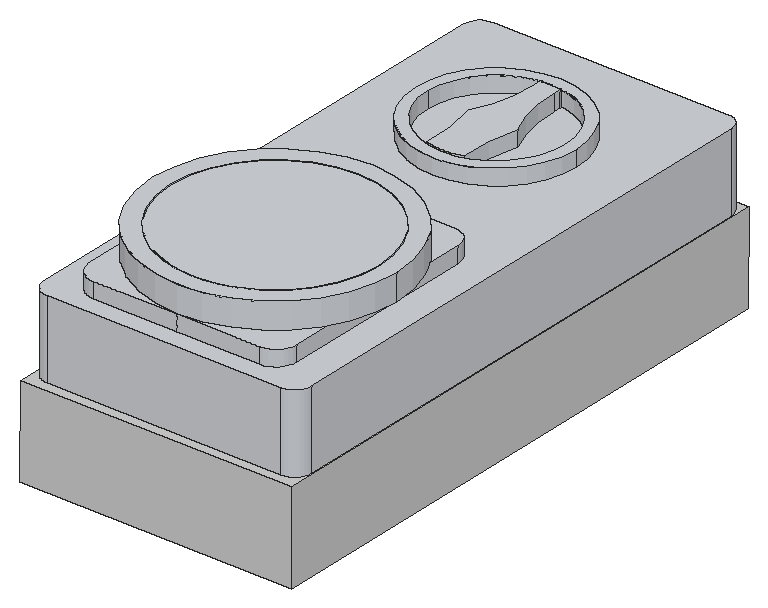
Revit family "Building-IEC309Connections-GEWISS-67IB-INTERLOCKED-SOCKET-OUTLETS_IP67_WITH_BOTTOM_FUS", category Apparecchi elettrici, host Superficie, Revit 2019
Family settings
  Host = Superficie
  Mantenere orientamento annotazione = Sì
  Quota connettore circolare = Usa diametro
  Tipo di parte = Normale
  Taglio con vuoti quando caricato = Sì
  Condiviso = Sì
  Punto di calcolo locali = Sì
Parameters (values of type "GW66258N - 32A 3P+E 380V V.INT.SOCK.O.W.B.3H CBF")
  presa = Grigio RAL - 7035
  giallo = 0 mm
  dist_piano [instance] = 80 mm
  Working temperature = "-25 ÷ +40 °C"
  With back-mounting box = "Yes"
  Weight (kg) = "Max. 1.1 Kg"
  Weight = "Max. 1.1 Kg"
  Vista_2d_pianta [instance] = yes
  Version file RFA = "21.4"
  URL = "https://www.gewiss.com/ww/en"
  Typology = "Vertical"
  Type of fuse = "Ø 10.3x38 mm"
  Thermo-pressure with ball = "125 °C (IB socket) - 80 °C (bottom)"
  Technical sheet = "https://www.gewiss.com/ww/en/search?q=GW66258N"
  Struttura = Grigio RAL - 7035
  Simbolo presa = PRESAINDSTAGNA : 3P
  Simbolo [instance] = yes
  Simb_circuito [instance] = not(Simbolo)  # no
  Shock resistance = "IK08"
  SEO = "Socket outlet"
  Reference h = "3"
  Realized by GEWISS S.p.A. = ""
  Rated voltage: = "380 - 440 V"
  Rated voltage = "380 - 440 V"
  Rated short-circuit current (Icc) = "10KA"
  Rated insulation voltage (Ui) = "500V"
  Rated impulse withstand voltage = "4KV"
  Rated frequency (Hz) = "50/60 Hz"
  Rated current (In) = "32"
  Rated current (A) = "32"
  Protection = "Fuse-holder base (CBF)"
  Default Elevation = 1219.2 mm
  Produttore = "GEWISS S.p.A."
  Operating temperature: = "-25 +40 °C"
  Number of poles = "3P+E"
  No. of poles = "3P+E"
  Modello = "GW66258N"
  Immagine tipo = I.jpg
  IP degree = "IP67"
  IDT = "3a2f285e-e7b7-489c-a67e-4c14f132aefb"
  IDF = "f9d0bb66-5de6-40f3-bd54-3f6ca6852506"
  IB socket outlet rated current (In) = "28A"
  Glow wire test: = "850 °C (IB socket) - 650 °C (bottom)"
  Glow Wire Test = "850 °C (IB socket) - 650 °C (bottom)"
  Fuse breacking capacity = "> 50 kA"
  Frequency = "50/60 Hz"
  Electrocod = "2222"
  EAN code = "8011564741539"
  Distanza x [instance] = -500 mm
  Distanza orizzontale simbolo [instance] = 100 mm
  Distanza effettiva x [instance] = 1500 mm - Distanza x  # 2000 mm
  Descrizione = "32A 3P+E 380V V.INT.SOCK.O.W.B.3H CBF"
  Corpo presa = Grigio RAL - 7035
  Cornice simbolo [instance] = yes
  Colour: = "Red"
  Colour = "Red"
  Catalogue Range = "67 IB"
  Catalogue = "BUILDING"
  COBie.Tagnumber = ""
  COBie.CreatedOn = ""
  COBie.CreatebBy = ""
  COBie.ComponentRegisterItemID = ""
  COBie.Component.TagNumber = ""
  COBie.Component.Space = ""
  COBie.Component.SerialNumber = ""
  COBie.Component.InstallationDate = ""
  COBie.Component.Description = ""
  COBie.Component.BarCode = ""
Types (23, lengths in mm): name | Weight (kg) | Weight | Technical sheet | Reference h | Rated voltage: | Rated voltage | Rated current (In) | Rated current (A) | Number of poles | No. of poles | Modello | IDT | IB socket outlet rated current (In) | EAN code | Descrizione | Colour: | Colour
  GW66223N - 16A 2P+E 110V V.INT.SOCK.O.W.B.4H CBF | "Max. 1.0 Kg" | "Max. 1.0 Kg" | "https://www.gewiss.com/ww/en/search?q=GW66223N" | "4" | "100 - 130 V" | "100 - 130 V" | "16" | "16" | "2P+E" | "2P+E" | "GW66223N" | "fa4eed03-31d8-4e28-a64f-20b019a506a7" | "16A" | "8011564741331" | "16A 2P+E 110V V.INT.SOCK.O.W.B.4H CBF" | "Yellow" | "Yellow"
  GW66224N - 16A 3P+E 110V V.INT.SOCK.O.W.B.4H CBF | "Max. 1.0 Kg" | "Max. 1.0 Kg" | "https://www.gewiss.com/ww/en/search?q=GW66224N" | "4" | "100 - 130 V" | "100 - 130 V" | "16" | "16" | "3P+E" | "3P+E" | "GW66224N" | "0a564fa3-3cef-4da4-9551-f50528e316ea" | "16A" | "8011564741348" | "16A 3P+E 110V V.INT.SOCK.O.W.B.4H CBF" | "Yellow" | "Yellow"
  GW66225N - 16A 3P+N+E 110V V.INT.SOCK.O.W.B.4H CBF | "Max. 1.0 Kg" | "Max. 1.0 Kg" | "https://www.gewiss.com/ww/en/search?q=GW66225N" | "4" | "100 - 130 V" | "100 - 130 V" | "16" | "16" | "3P+N+E" | "3P+N+E" | "GW66225N" | "988cc2de-b53f-436f-a8c9-de4916e125bc" | "16A" | "8011564741355" | "16A 3P+N+E 110V V.INT.SOCK.O.W.B.4H CBF" | "Yellow" | "Yellow"
  GW66226N - 16A 2P+E 230V V.INT.SOCK.O.W.B.6H CBF | "Max. 1.0 Kg" | "Max. 1.0 Kg" | "https://www.gewiss.com/ww/en/search?q=GW66226N" | "6" | "200 - 250 V" | "200 - 250 V" | "16" | "16" | "2P+E" | "2P+E" | "GW66226N" | "b9aec1ad-43a6-46ee-b8b7-fce0cc6f14b6" | "16A" | "8011564741362" | "16A 2P+E 230V V.INT.SOCK.O.W.B.6H CBF" | "Blue" | "Blue"
  GW66227N - 16A 3P+E 230V V.INT.SOCK.O.W.B.9H CBF | "Max. 1.0 Kg" | "Max. 1.0 Kg" | "https://www.gewiss.com/ww/en/search?q=GW66227N" | "9" | "200 - 250 V" | "200 - 250 V" | "16" | "16" | "3P+E" | "3P+E" | "GW66227N" | "52961728-1365-4bcc-bc75-4a28eb228f0f" | "16A" | "8011564741379" | "16A 3P+E 230V V.INT.SOCK.O.W.B.9H CBF" | "Blue" | "Blue"
  GW66228N - 16A 3P+N+E 230V V.INT.SOCK.O.W.B.9H CBF | "Max. 1.0 Kg" | "Max. 1.0 Kg" | "https://www.gewiss.com/ww/en/search?q=GW66228N" | "9" | "200 - 250 V" | "200 - 250 V" | "16" | "16" | "3P+N+E" | "3P+N+E" | "GW66228N" | "ac9b5afc-50ac-427e-bce5-7a54d7f5dc44" | "16A" | "8011564741386" | "16A 3P+N+E 230V V.INT.SOCK.O.W.B.9H CBF" | "Blue" | "Blue"
  GW66229N - 16A 2P+E 400V V.INT.SOCK.O.W.B.9H CBF | "Max. 1.0 Kg" | "Max. 1.0 Kg" | "https://www.gewiss.com/ww/en/search?q=GW66229N" | "9" | "380 - 415 V" | "380 - 415 V" | "16" | "16" | "2P+E" | "2P+E" | "GW66229N" | "9c62276f-1e71-4292-be15-fc32e9fcd854" | "16A" | "8011564741393" | "16A 2P+E 400V V.INT.SOCK.O.W.B.9H CBF" | "Red" | "Red"
  GW66230N - 16A 3P+E 400V V.INT.SOCK.O.W.B.6H CBF | "Max. 1.0 Kg" | "Max. 1.0 Kg" | "https://www.gewiss.com/ww/en/search?q=GW66230N" | "6" | "380 - 415 V" | "380 - 415 V" | "16" | "16" | "3P+E" | "3P+E" | "GW66230N" | "0ff9f2ea-39b8-42c3-a8e8-22c46614b70e" | "16A" | "8011564741409" | "16A 3P+E 400V V.INT.SOCK.O.W.B.6H CBF" | "Red" | "Red"
  GW66231N - 16A 3P+N+E 400V V.INT.SOCK.O.W.B.6H CBF | "Max. 1.0 Kg" | "Max. 1.0 Kg" | "https://www.gewiss.com/ww/en/search?q=GW66231N" | "6" | "380 - 415 V" | "380 - 415 V" | "16" | "16" | "3P+N+E" | "3P+N+E" | "GW66231N" | "150c8f31-35c1-4f26-9038-fd5d716b04a4" | "16A" | "8011564742543" | "16A 3P+N+E 400V V.INT.SOCK.O.W.B.6H CBF" | "Red" | "Red"
  GW66232N - 16A 3P+E 500V V.INT.SOCK.O.W.B.7H CBF | "Max. 1.0 Kg" | "Max. 1.0 Kg" | "https://www.gewiss.com/ww/en/search?q=GW66232N" | "7" | "480 - 500 V" | "480 - 500 V" | "16" | "16" | "3P+E" | "3P+E" | "GW66232N" | "7a81db9b-2ce7-4dae-922b-794821e35afb" | "16A" | "8011564741416" | "16A 3P+E 500V V.INT.SOCK.O.W.B.7H CBF" | "Black" | "Black"
  GW66233N - 16A 3P+N+E 500V V.INT.SOCK.O.W.B.7H CBF | "Max. 1.0 Kg" | "Max. 1.0 Kg" | "https://www.gewiss.com/ww/en/search?q=GW66233N" | "7" | "480 - 500 V" | "480 - 500 V" | "16" | "16" | "3P+N+E" | "3P+N+E" | "GW66233N" | "0c4c7745-404c-4ff8-88f7-8631fd7168d2" | "16A" | "8011564741423" | "16A 3P+N+E 500V V.INT.SOCK.O.W.B.7H CBF" | "Black" | "Black"
  GW66234N - 32A 2P+E 110V V.INT.SOCK.O.W.B.4H CBF | "Max. 1.1 Kg" | "Max. 1.1 Kg" | "https://www.gewiss.com/ww/en/search?q=GW66234N" | "4" | "100 - 130 V" | "100 - 130 V" | "32" | "32" | "2P+E" | "2P+E" | "GW66234N" | "a99f150c-cc79-4c38-9ac9-617582887cf3" | "32A" | "8011564741430" | "32A 2P+E 110V V.INT.SOCK.O.W.B.4H CBF" | "Yellow" | "Yellow"
  GW66235N - 32A 3P+E 110V V.INT.SOCK.O.W.B.4H CBF | "Max. 1.1 Kg" | "Max. 1.1 Kg" | "https://www.gewiss.com/ww/en/search?q=GW66235N" | "4" | "100 - 130 V" | "100 - 130 V" | "32" | "32" | "3P+E" | "3P+E" | "GW66235N" | "3a26cec9-b531-4f44-a95a-444ca4e9b113" | "28A" | "8011564741447" | "32A 3P+E 110V V.INT.SOCK.O.W.B.4H CBF" | "Yellow" | "Yellow"
  GW66236N - 32A 3P+N+E 110V V.INT.SOCK.O.W.B.4H CBF | "Max. 1.1 Kg" | "Max. 1.1 Kg" | "https://www.gewiss.com/ww/en/search?q=GW66236N" | "4" | "100 - 130 V" | "100 - 130 V" | "32" | "32" | "3P+N+E" | "3P+N+E" | "GW66236N" | "69dcfa51-02d3-46f6-bbba-2f44a5752abe" | "28A" | "8011564741454" | "32A 3P+N+E 110V V.INT.SOCK.O.W.B.4H CBF" | "Yellow" | "Yellow"
  GW66237N - 32A 2P+E 230V V.INT.SOCK.O.W.B.6H CBF | "Max. 1.1 Kg" | "Max. 1.1 Kg" | "https://www.gewiss.com/ww/en/search?q=GW66237N" | "6" | "200 - 250 V" | "200 - 250 V" | "32" | "32" | "2P+E" | "2P+E" | "GW66237N" | "24dfdfda-2efd-477f-97f3-f8cbd7e435df" | "32A" | "8011564742550" | "32A 2P+E 230V V.INT.SOCK.O.W.B.6H CBF" | "Blue" | "Blue"
  GW66238N - 32A 3P+E 230V V.INT.SOCK.O.W.B.9H CBF | "Max. 1.1 Kg" | "Max. 1.1 Kg" | "https://www.gewiss.com/ww/en/search?q=GW66238N" | "9" | "200 - 250 V" | "200 - 250 V" | "32" | "32" | "3P+E" | "3P+E" | "GW66238N" | "f90cc02e-777a-41ae-b548-d4c8d901f4bd" | "28A" | "8011564741461" | "32A 3P+E 230V V.INT.SOCK.O.W.B.9H CBF" | "Blue" | "Blue"
  GW66239N - 32A 3P+N+E 230V V.INT.SOCK.O.W.B.9H CBF | "Max. 1.1 Kg" | "Max. 1.1 Kg" | "https://www.gewiss.com/ww/en/search?q=GW66239N" | "9" | "200 - 250 V" | "200 - 250 V" | "32" | "32" | "3P+N+E" | "3P+N+E" | "GW66239N" | "82be392f-ab5c-42ac-9702-8243f18e5e05" | "28A" | "8011564741478" | "32A 3P+N+E 230V V.INT.SOCK.O.W.B.9H CBF" | "Blue" | "Blue"
  GW66240N - 32A 2P+E 400V V.INT.SOCK.O.W.B.9H CBF | "Max. 1.1 Kg" | "Max. 1.1 Kg" | "https://www.gewiss.com/ww/en/search?q=GW66240N" | "9" | "380 - 415 V" | "380 - 415 V" | "32" | "32" | "2P+E" | "2P+E" | "GW66240N" | "70891f68-9d11-4e15-9055-6e459ec33866" | "32A" | "8011564741485" | "32A 2P+E 400V V.INT.SOCK.O.W.B.9H CBF" | "Red" | "Red"
  GW66241N - 32A 3P+E 400V V.INT.SOCK.O.W.B.6H CBF | "Max. 1.1 Kg" | "Max. 1.1 Kg" | "https://www.gewiss.com/ww/en/search?q=GW66241N" | "6" | "380 - 415 V" | "380 - 415 V" | "32" | "32" | "3P+E" | "3P+E" | "GW66241N" | "95c862d1-6ea5-46a8-95f4-fd8421981ece" | "28A" | "8011564741492" | "32A 3P+E 400V V.INT.SOCK.O.W.B.6H CBF" | "Red" | "Red"
  GW66242N - 32A 3P+N+E 400V V.INT.SOCK.O.W.B.6H CBF | "Max. 1.1 Kg" | "Max. 1.1 Kg" | "https://www.gewiss.com/ww/en/search?q=GW66242N" | "6" | "380 - 415 V" | "380 - 415 V" | "32" | "32" | "3P+N+E" | "3P+N+E" | "GW66242N" | "f6a8ac16-9c06-4f19-b1c4-9672fdc5f555" | "28A" | "8011564742567" | "32A 3P+N+E 400V V.INT.SOCK.O.W.B.6H CBF" | "Red" | "Red"
  GW66243N - 32A 3P+E 500V V.INT.SOCK.O.W.B.7H CBF | "Max. 1.1 Kg" | "Max. 1.1 Kg" | "https://www.gewiss.com/ww/en/search?q=GW66243N" | "7" | "480 - 500 V" | "480 - 500 V" | "32" | "32" | "3P+E" | "3P+E" | "GW66243N" | "f6ce0a0c-3cde-4b8c-ad31-0f382c507b8d" | "28A" | "8011564741508" | "32A 3P+E 500V V.INT.SOCK.O.W.B.7H CBF" | "Black" | "Black"
  GW66244N - 32A 3P+N+E 500V V.INT.SOCK.O.W.B.7H CBF | "Max. 1.1 Kg" | "Max. 1.1 Kg" | "https://www.gewiss.com/ww/en/search?q=GW66244N" | "7" | "480 - 500 V" | "480 - 500 V" | "32" | "32" | "3P+N+E" | "3P+N+E" | "GW66244N" | "375c8392-af65-45a1-933e-8de0f1dcd445" | "28A" | "8011564741515" | "32A 3P+N+E 500V V.INT.SOCK.O.W.B.7H CBF" | "Black" | "Black"
  GW66258N - 32A 3P+E 380V V.INT.SOCK.O.W.B.3H CBF | "Max. 1.1 Kg" | "Max. 1.1 Kg" | "https://www.gewiss.com/ww/en/search?q=GW66258N" | "3" | "380 - 440 V" | "380 - 440 V" | "32" | "32" | "3P+E" | "3P+E" | "GW66258N" | "3a2f285e-e7b7-489c-a67e-4c14f132aefb" | "28A" | "8011564741539" | "32A 3P+E 380V V.INT.SOCK.O.W.B.3H CBF" | "Red" | "Red"
Reference planes
  plane 1 "Centro (Fronte/Retro)": y = 0
  plane 2: z = 0
  plane 3 "Centro (Sinistra/Destra)": x = 0
  plane 4: z = -2
  plane 5: x = 500
  plane 6: x = -1500
  plane 7: x = 500
  plane 8: through (-170.762, -4572, -38.353) normal (-0.6157, 0, 0.788)
  plane 9: x = -51.152
  plane 10: x = 53.222
  plane 11: z = 113
  plane 12: y = -110
  plane 13: y = 110
  plane 14: z = 78
  plane 15: z = 160
Forms (mm)
  Extrusion 1, solid, detail levels coarse
    sketch origin (0, 0, 0) x (1, 0, 0) y (0, 0, 1)
      loop
        line (-51.152, 160) -> (-51.152, 78) -> (53.222, 78) -> (53.222, 160) -> (-51.152, 160)
    from -108.895 to 109.105
  Extrusion 2, solid, material "Grigio RAL - 7035" <- "Struttura"
    sketch origin (0, 0, 0) x (0, 1, 0) y (0, 0, 1)
      loop
        line (-110, 78) -> (110, 78) -> (110, 113) -> (-110, 113) -> (-110, 78)
    from -51.152 to 53.222
Lines and regions (mm)
  Masking region 1, visible <- "Vista_2d_pianta"
    outline origin (0, 0, 0) x (1, 0, 0) y (0, 0, 1)
      loop
        line (-50.384, 143) -> (-50.384, 113) -> (52.616, 113) -> (52.616, 143) -> (-50.384, 143)
  Masking region 2, visible <- "Vista_2d_pianta"
    outline origin (0, 0, 0) x (1, 0, 0) y (0, 0, 1)
      loop
        line (-40, 149) -> (-40, 143) -> (40, 143) -> (40, 149) -> (-40, 149)
  Masking region 3, visible <- "Vista_2d_pianta"
    outline origin (0, 0, 0) x (1, 0, 0) y (0, 0, 1)
      loop
        line (-46.899, 149) -> (46.899, 149) -> (46.899, 159) -> (-46.899, 159) -> (-46.899, 149)
  Masking region 4, visible <- "Vista_2d_pianta"
    outline origin (0, 0, 0) x (1, 0, 0) y (0, 0, 1)
      loop
        line (-51.152, 78) -> (53.222, 78) -> (53.222, 113) -> (-51.152, 113) -> (-51.152, 78)
Dimensions and locks
  locked: plane 2 to plane 4 at 2
  "Distanza effettiva x": plane 5 to plane 6
  plane 3 "Centro (Sinistra/Destra)" to plane 6 = 1500 mm
  plane 6 to plane 5 = 2000 mm
  "Distanza effettiva x": plane 6 to plane 7
  locked: plane 9 to Masking region 1 at 0.768
  locked: Masking region 1 to plane 10 at 0.606
  "dist_piano": plane 14 to plane 4
  equal spacing: plane 12, plane 1 "Centro (Fronte/Retro)", plane 13
  locked: plane 12 to plane 13 at 220
  locked: plane 11 to plane 14 at 35
  locked: plane 15 to plane 11 at 47
  angle plane 8 to plane 4 = 142.00°
  angle plane 7 to plane 8 = 128.00°
  aligned and locked: plane 2 to host face
  aligned and locked: level to host face
  aligned and locked: plane 3 "Centro (Sinistra/Destra)" to nested 1
  aligned and locked: Masking region 1 sketch curve to nested 1  (x4)
  aligned and locked: Masking region 2 sketch curve to nested 1  (x4)
  aligned and locked: plane 9 to Extrusion 1 sketch curve
  aligned and locked: plane 10 to Extrusion 1 sketch curve
  aligned and locked: nested 1 to plane 11
  aligned and locked: Masking region 3 sketch curve to nested 1  (x4)
  aligned and locked: Extrusion 2 sketch curve to plane 14
  aligned and locked: Extrusion 2 sketch curve to plane 12
  aligned and locked: Extrusion 2 sketch curve to plane 11
  aligned and locked: Extrusion 2 sketch curve to plane 13
  aligned and locked: plane 9 to Extrusion 2
  aligned and locked: Extrusion 2 to plane 10
  aligned and locked: Extrusion 1 to plane 14
  aligned and locked: Masking region 4 sketch curve to Extrusion 1
  aligned and locked: Extrusion 1 to Masking region 4 sketch curve
  aligned and locked: Masking region 4 sketch curve to Extrusion 2  (x2)
  aligned and locked: plane 15 to Extrusion 1
  aligned and locked: plane 7 to nested 2
  aligned and locked: plane 7 to nested 3
Automatic sketch dimensions
  host sketch curve to host sketch curve = 2438.4 mm  (x2)
  Extrusion 1 sketch curve to plane 11 = 35 mm
  plane 11 to Extrusion 1 sketch curve = 47 mm
Nested families
  nested 1: "IB PRESE INTERBLOC VERT_NO FONDO" at (0, 0, 113), type "IB PRESE INTERBLOC VERT_NO FONDO", detail levels medium+fine
  nested 2: "simbolo_circuito" at (500, 30.442, 0), Distanza dal muro <- "Distanza orizzontale simbolo", SIMBOLO ACCESO <- "Simb_circuito", type "3P"
    with SIMBOLO ACCESO no, Distanza dal muro 100 mm, BORDO ACCESO yes
  nested 3: "PRESAINDSTAGNA" at (500, 23.722, 0), Distanza dal muro <- "Distanza orizzontale simbolo", SIMBOLO ACCESO <- "Simbolo", type "3P"
    with SIMBOLO ACCESO yes, Distanza dal muro 100 mm, BORDO ACCESO yes
Definition of nested family "IB PRESE INTERBLOC VERT_NO FONDO"
  Parameters (values of type "IB PRESE INTERBLOC VERT_NO FONDO")
    corpo presa = none
    Struttura = none
    Spessore = 30 mm
    Raggio = 40 mm
    Default Elevation = 14 mm
    Presa = none
    Lunghezza = 103 mm
    IFC.TypeObject = ""
    IFC.ExportType = ""
    IFC.ExportAs = ""
    H_da terra = 586.883 mm
    COBie.CreatedOn = ""
    COBie.CreatebBy = ""
    COBie.ComponentRegisterItemID = ""
    COBie.Component.TagNumber = ""
    COBie.Component.Space = ""
    COBie.Component.SerialNumber = ""
    COBie.Component.InstallationDate = ""
    COBie.Component.Description = ""
    COBie.Component.BarCode = ""
    Altezza = 220 mm
  Reference planes
    plane 1 "Centro (Fronte/Retro)": y = 0
    plane 2: z = 0
    plane 3 "Centro (Sinistra/Destra)": x = 0
    plane 4: z = 6.883
    plane 5: z = 10.499
    plane 6 "presa": z = 46
    plane 7: z = 36
    plane 8: z = 30
    plane 9: x = -40
    plane 10: x = 40
    plane 11: y = -5.355
    plane 12: y = -98.612
    plane 13: y = -51.359
  Forms (mm)
    Extrusion 1, solid, material <- "Struttura"
      sketch origin (0, -697.104, -30) x (1, 0, 0) y (0, 1, 0)
        loop
          line (-0.408, 691.748) -> (-32.003, 691.748)
          spline (-32.003, 691.748) -> (-33.047, 691.681) -> (-34.073, 691.48) -> (-35.063, 691.148) -> (-36.002, 690.693) -> (-36.871, 690.12) -> (-37.658, 689.441) -> (-38.347, 688.666) -> (-38.929, 687.809) -> (-39.391, 686.885) -> (-39.728, 685.909) -> (-39.932, 684.898) -> (-40, 683.87)
          line (-40, 683.87) -> (-40, 606.37)
          spline (-40, 606.37) -> (-39.932, 605.341) -> (-39.728, 604.331) -> (-39.391, 603.355) -> (-38.929, 602.43) -> (-38.347, 601.574) -> (-37.658, 600.799) -> (-36.871, 600.119) -> (-36.002, 599.547) -> (-35.063, 599.091) -> (-34.073, 598.76) -> (-33.047, 598.559) -> (-32.003, 598.491)
          line (-32.003, 598.491) -> (0, 598.491) -> (32.003, 598.491)
          spline (32.003, 598.491) -> (33.047, 598.559) -> (34.073, 598.76) -> (35.063, 599.091) -> (36.002, 599.547) -> (36.871, 600.119) -> (37.658, 600.799) -> (38.347, 601.574) -> (38.929, 602.43) -> (39.391, 603.355) -> (39.728, 604.331) -> (39.932, 605.341) -> (40, 606.37)
          line (40, 606.37) -> (40, 683.87)
          spline (40, 683.87) -> (39.932, 684.898) -> (39.728, 685.909) -> (39.391, 686.885) -> (38.929, 687.809) -> (38.347, 688.666) -> (37.658, 689.441) -> (36.871, 690.12) -> (36.002, 690.693) -> (35.063, 691.148) -> (34.073, 691.48) -> (33.047, 691.681) -> (32.003, 691.748)
          line (32.003, 691.748) -> (-0.408, 691.748)
      from 60 to 66
    Extrusion 2, solid, material <- "Presa"
      sketch origin (0, -700.854, -30) x (1, 0, 0) y (0, 1, 0)
        loop
          circle (0, 649.495) r 46.899
        loop
          circle (0, 649.495) r 40
      from 66 to 76
    Extrusion 3, solid, material <- "Struttura"
      sketch origin (0, -697.104, -30) x (1, 0, 0) y (0, 1, 0)
        loop
          circle (0, 752.384) r 30.831
        loop
          circle (0, 752.384) r 26.483
      from 60 to 66
    Extrusion 4, solid, material <- "Struttura"
      sketch origin (0, -697.104, -30) x (1, 0, 0) y (0, 1, 0)
        loop
          arc (-9.552, 750.899) -> (-7.429, 739.645) -> (-7.314, 728.193) r 64.983
          arc (-7.314, 728.193) -> (-0.131, 727.067) -> (7.064, 728.115) r 24.316
          arc (7.064, 728.115) -> (7.302, 739.566) -> (9.547, 750.796) r 64.983
          arc (9.547, 750.796) -> (5.519, 762.425) -> (4.215, 774.661) r 54.251
          line (4.215, 774.661) -> (4.25, 777.658)
          arc (4.25, 777.658) -> (3.985, 778.329) -> (3.336, 778.647) r 1
          arc (3.336, 778.647) -> (0.147, 778.794) -> (-3.043, 778.682) r 39.364
          arc (-3.043, 778.682) -> (-3.695, 778.371) -> (-3.967, 777.702) r 1
          line (-3.967, 777.702) -> (-3.964, 774.706)
          arc (-3.964, 774.706) -> (-5.4, 762.483) -> (-9.552, 750.899) r 54.251
      from 60 to 66
    Extrusion 5, solid, material <- "corpo presa"
      sketch origin (-2.5, -699.604, -30) x (1, 0, 0) y (0, 1, 0)
        loop
          arc (55.116, 802.193) -> (53.269, 806.652) -> (48.81, 808.499) r 6.306
          line (48.81, 808.499) -> (-41.578, 808.499)
          arc (-41.578, 808.499) -> (-46.037, 806.652) -> (-47.884, 802.193) r 6.306
          line (-47.884, 802.193) -> (-47.884, 600.052)
          arc (-47.884, 600.052) -> (-45.976, 595.446) -> (-41.369, 593.537) r 6.515
          line (-41.369, 593.537) -> (48.601, 593.537)
          arc (48.601, 593.537) -> (53.208, 595.446) -> (55.116, 600.052) r 6.515
          line (55.116, 600.052) -> (55.116, 802.193)
      from 30 to 60
    Extrusion 6, solid, material <- "Struttura", not visible
      sketch origin (0, 47.014, -580) x (1, 0, 0) y (0, 0, 1)
        loop
          line (-0.408, 691.748) -> (-29.506, 691.748)
          spline (-29.506, 691.748) -> (-30.55, 691.681) -> (-31.576, 691.48) -> (-32.567, 691.148) -> (-33.505, 690.693) -> (-34.375, 690.12) -> (-35.161, 689.441) -> (-35.851, 688.666) -> (-36.432, 687.809) -> (-36.895, 686.885) -> (-37.231, 685.909) -> (-37.435, 684.898) -> (-37.503, 683.87)
          line (-37.503, 683.87) -> (-37.503, 615.12)
          spline (-37.503, 615.12) -> (-37.435, 614.091) -> (-37.231, 613.081) -> (-36.895, 612.105) -> (-36.432, 611.18) -> (-35.851, 610.324) -> (-35.161, 609.549) -> (-34.375, 608.869) -> (-33.505, 608.297) -> (-32.567, 607.841) -> (-31.576, 607.51) -> (-30.55, 607.309) -> (-29.506, 607.241)
          line (-29.506, 607.241) -> (0, 607.241) -> (29.506, 607.241)
          spline (29.506, 607.241) -> (30.55, 607.309) -> (31.576, 607.51) -> (32.567, 607.841) -> (33.505, 608.297) -> (34.375, 608.869) -> (35.161, 609.549) -> (35.851, 610.324) -> (36.432, 611.18) -> (36.895, 612.105) -> (37.231, 613.081) -> (37.435, 614.091) -> (37.503, 615.12)
          line (37.503, 615.12) -> (37.503, 683.87)
          spline (37.503, 683.87) -> (37.435, 684.898) -> (37.231, 685.909) -> (36.895, 686.885) -> (36.432, 687.809) -> (35.851, 688.666) -> (35.161, 689.441) -> (34.375, 690.12) -> (33.505, 690.693) -> (32.567, 691.148) -> (31.576, 691.48) -> (30.55, 691.681) -> (29.506, 691.748)
          line (29.506, 691.748) -> (-0.408, 691.748)
      from 51.991 to 55.821
    Extrusion 7, solid, material <- "Presa", not visible
      sketch origin (0, 47.014, -580) x (1, 0, 0) y (0, 0, 1)
        loop
          circle (0, 646.456) r 46.899
      from 55.821 to 62.709
    Extrusion 8, solid, material <- "Struttura", not visible
      sketch origin (0, 47.014, -580) x (1, 0, 0) y (0, 0, 1)
        loop
          circle (0, 752.384) r 30.831
        loop
          circle (0, 752.384) r 26.483
      from 51.991 to 62.709
    Extrusion 9, solid, material <- "Struttura", not visible
      sketch origin (0, 47.014, -580) x (1, 0, 0) y (0, 0, 1)
        loop
          arc (-9.552, 750.899) -> (-7.429, 739.645) -> (-7.314, 728.193) r 64.983
          arc (-7.314, 728.193) -> (-0.131, 727.067) -> (7.064, 728.115) r 24.316
          arc (7.064, 728.115) -> (7.302, 739.566) -> (9.547, 750.796) r 64.983
          arc (9.547, 750.796) -> (5.519, 762.425) -> (4.215, 774.661) r 54.251
          line (4.215, 774.661) -> (4.25, 777.658)
          arc (4.25, 777.658) -> (3.985, 778.329) -> (3.336, 778.647) r 1
          arc (3.336, 778.647) -> (0.147, 778.794) -> (-3.043, 778.682) r 39.364
          arc (-3.043, 778.682) -> (-3.695, 778.371) -> (-3.967, 777.702) r 1
          line (-3.967, 777.702) -> (-3.964, 774.706)
          arc (-3.964, 774.706) -> (-5.4, 762.483) -> (-9.552, 750.899) r 54.251
      from 51.991 to 62.709
    Extrusion 10, solid, material <- "corpo presa", not visible
      sketch origin (0, 47.014, -580) x (1, 0, 0) y (0, 0, 1)
        loop
          arc (47.884, 796.962) -> (46.037, 801.42) -> (41.578, 803.267) r 6.306
          line (41.578, 803.267) -> (-41.578, 803.267)
          arc (-41.578, 803.267) -> (-46.037, 801.42) -> (-47.884, 796.962) r 6.306
          line (-47.884, 796.962) -> (-47.884, 597.014)
          arc (-47.884, 597.014) -> (-45.976, 592.407) -> (-41.369, 590.499) r 6.515
          line (-41.369, 590.499) -> (41.369, 590.499)
          arc (41.369, 590.499) -> (45.976, 592.407) -> (47.884, 597.014) r 6.515
          line (47.884, 597.014) -> (47.884, 796.962)
      from 30 to 51.991
    Extrusion 11, solid, material <- "Struttura"
      sketch origin (1.116, -3.75, 0) x (1, 0, 0) y (0, 1, 0)
        loop
          circle (-1.116, -47.609) r 40
      from 36 to 46
  Lines and regions (mm)
    symbolic lines
      curve 1: line (0, 0, 46) -> (0, -106.066, 46)
      curve 2: line (-40, -51.359, 46) -> (40, -51.359, 46)
  Dimensions and locks
    locked: plane 5 to plane 4 at 3.616
    Extrusion 5 sketch curve to Extrusion 5 sketch curve = 103 mm
    plane 6 "presa" to plane 2 = 46 mm
    locked: plane 7 to plane 6 "presa" at 10
    plane 8 to plane 2 = 30 mm
    locked: plane 8 to plane 7 at 6
    equal spacing: plane 9, plane 3 "Centro (Sinistra/Destra)", plane 10
    locked: plane 9 to plane 10 at 80
    Extrusion 1 to Extrusion 1 = 93.257 mm
    "Raggio": radius of Extrusion 11 sketch curve
    "Raggio": radius of Extrusion 2 sketch curve
    aligned and locked: level to plane 2
    aligned and locked: Extrusion 3 to Extrusion 5
    aligned and locked: Extrusion 4 to Extrusion 3
    aligned and locked: Extrusion 3 to Extrusion 4
    aligned and locked: Extrusion 2 to Extrusion 1
    aligned and locked: Extrusion 5 to level
    aligned and locked: plane 6 "presa" to Extrusion 2
    aligned and locked: Extrusion 11 to Extrusion 1
    aligned and locked: plane 6 "presa" to Extrusion 11
    aligned and locked: Extrusion 1 to plane 7
    aligned and locked: Extrusion 5 to plane 8
    aligned and locked: plane 8 to Extrusion 1
    aligned and locked: Extrusion 3 to plane 7
    aligned and locked: curve 1 to plane 3 "Centro (Sinistra/Destra)"
    aligned and locked: Extrusion 1 sketch curve to plane 9
    aligned and locked: Extrusion 1 sketch curve to plane 10
    aligned and locked: plane 12 to Extrusion 1 sketch curve
    aligned and locked: curve 2 to plane 13
    aligned and locked: plane 3 "Centro (Sinistra/Destra)" to Extrusion 11 sketch curve
    aligned and locked: plane 13 to Extrusion 11 sketch curve
  Automatic sketch dimensions
    Extrusion 1 sketch curve to plane 3 "Centro (Sinistra/Destra)" = 0 mm
    Extrusion 1 sketch curve to plane 3 "Centro (Sinistra/Destra)" = 0.408 mm
    Extrusion 1 sketch curve to Extrusion 1 sketch curve = 32.003 mm
    plane 1 "Centro (Fronte/Retro)" to Extrusion 1 sketch curve = 5.355 mm
    Extrusion 1 sketch curve to Extrusion 1 sketch curve = 7.997 mm  (x2)
    plane 3 "Centro (Sinistra/Destra)" to Extrusion 1 sketch curve = 32.003 mm
    Extrusion 1 sketch curve to Extrusion 1 sketch curve = 7.878 mm  (x3)
    Extrusion 3 sketch curve to Extrusion 3 sketch curve = 0 mm  (x2)
    Extrusion 3 sketch curve to plane 3 "Centro (Sinistra/Destra)" = 0 mm
    Extrusion 3 sketch curve to plane 1 "Centro (Fronte/Retro)" = 55.28 mm
    Extrusion 4 sketch curve to plane 3 "Centro (Sinistra/Destra)" = 0 mm
    Extrusion 4 sketch curve to plane 3 "Centro (Sinistra/Destra)" = 0.064 mm
    Extrusion 4 sketch curve to plane 3 "Centro (Sinistra/Destra)" = 2.967 mm
    Extrusion 4 sketch curve to Extrusion 4 sketch curve = 0.997 mm
    Extrusion 4 sketch curve to Extrusion 4 sketch curve = 1 mm  (x2)
    Extrusion 4 sketch curve to Extrusion 4 sketch curve = 54.251 mm
    Extrusion 4 sketch curve to Extrusion 4 sketch curve = 13.883 mm
    plane 3 "Centro (Sinistra/Destra)" to Extrusion 4 sketch curve = 3.25 mm
    Extrusion 4 sketch curve to Extrusion 4 sketch curve = 0.965 mm
    Extrusion 4 sketch curve to Extrusion 4 sketch curve = 54.25 mm
    Extrusion 4 sketch curve to Extrusion 4 sketch curve = 13.435 mm
    Extrusion 4 sketch curve to plane 1 "Centro (Fronte/Retro)" = 35.393 mm
    Extrusion 4 sketch curve to plane 1 "Centro (Fronte/Retro)" = 36.167 mm
    Extrusion 4 sketch curve to plane 1 "Centro (Fronte/Retro)" = 42.327 mm
    Extrusion 4 sketch curve to Extrusion 4 sketch curve = 11.953 mm
    Extrusion 4 sketch curve to Extrusion 4 sketch curve = 41.757 mm
    Extrusion 4 sketch curve to Extrusion 4 sketch curve = 23.278 mm
    Extrusion 4 sketch curve to Extrusion 4 sketch curve = 0.044 mm
    Extrusion 4 sketch curve to Extrusion 4 sketch curve = 41.61 mm
    Extrusion 4 sketch curve to Extrusion 4 sketch curve = 2.99 mm
    Extrusion 4 sketch curve to Extrusion 4 sketch curve = 0.007 mm
    Extrusion 4 sketch curve to Extrusion 4 sketch curve = 2.979 mm
    Extrusion 4 sketch curve to Extrusion 4 sketch curve = 0.018 mm
    Extrusion 4 sketch curve to Extrusion 4 sketch curve = 0 mm
    Extrusion 4 sketch curve to plane 3 "Centro (Sinistra/Destra)" = 7.314 mm
    Extrusion 4 sketch curve to Extrusion 4 sketch curve = 9.552 mm
    plane 3 "Centro (Sinistra/Destra)" to Extrusion 4 sketch curve = 7.064 mm
    Extrusion 5 sketch curve to plane 3 "Centro (Sinistra/Destra)" = 50.384 mm
    Extrusion 5 sketch curve to Extrusion 5 sketch curve = 6.306 mm  (x2)
    Extrusion 5 sketch curve to Extrusion 5 sketch curve = 6.515 mm  (x2)
    Extrusion 5 sketch curve to plane 1 "Centro (Fronte/Retro)" = 102.59 mm
    Extrusion 1 sketch curve to plane 12 = 7.878 mm
    plane 12 to Extrusion 5 sketch curve = 0.939 mm
    plane 1 "Centro (Fronte/Retro)" to curve 1 = 0 mm
    curve 2 to plane 9 = 0 mm
    curve 2 to plane 10 = 0 mm
    plane 12 to curve 1 = 7.454 mm
    Extrusion 2 sketch curve to Extrusion 2 sketch curve = 0 mm  (x2)
    Extrusion 2 sketch curve to plane 3 "Centro (Sinistra/Destra)" = 0 mm
    Extrusion 2 sketch curve to plane 13 = 0 mm
    radius of Extrusion 3 sketch curve = 30.831 mm
    radius of Extrusion 3 sketch curve = 26.483 mm
    radius of Extrusion 2 sketch curve = 46.899 mm
Definition of nested family "simbolo_circuito"
  Parameters (values of type "3P")
    SIMBOLO ACCESO [instance] = yes
    SIMBOLO = PRESAINDSTAGNA_BASE : 3P
    Distanza dal muro [instance] = 0 mm
    BORDO ACCESO [instance] = yes
  Reference planes
    plane 1: y = 0
    plane 2: x = 0
  Dimensions and locks
    "Distanza dal muro": plane 1 to nested 1
    aligned and locked: plane 2 to nested 1
  Nested families
    nested 1: "simb_base_di circuito" at (0, 0, 0), visible <- "SIMBOLO ACCESO", type "3P"
      with CORNICE SIMBOLO yes
  Definition of nested family "simb_base_di circuito"
    Parameters (values of type "3P")
      CORNICE SIMBOLO [instance] = yes
      3P = yes
    Types (2, lengths in mm): name | 3P
      3P | yes
      2P | no
    Reference planes
      plane 1: y = 0
      plane 2: x = 0
    Lines and regions (mm)
      detail lines, not visible
        curve 1: line (-2.443, 10.208, 0) -> (2.057, 10.208, 0)
        curve 2: line (2.057, 10.208, 0) -> (2.057, 4.208, 0)
        curve 3: line (2.057, 4.208, 0) -> (-2.443, 4.208, 0)
        curve 4: line (-2.443, 4.208, 0) -> (-2.443, 10.208, 0)
        curve 5: line (-2.043, 9.808, 0) -> (1.657, 9.808, 0)
        curve 6: line (1.657, 9.808, 0) -> (1.657, 4.608, 0)
        curve 7: line (1.657, 4.608, 0) -> (-2.043, 4.608, 0)
        curve 8: line (-2.043, 4.608, 0) -> (-2.043, 9.808, 0)
    Dimensions and locks
      aligned and locked: import instance to plane 2
      aligned and locked: plane 1 to import instance
Definition of nested family "PRESAINDSTAGNA"
  Parameters (values of type "3P")
    SIMBOLO ACCESO [instance] = yes
    SIMBOLO = PRESAINDSTAGNA_BASE : 3P
    Distanza dal muro [instance] = 0 mm
    BORDO ACCESO [instance] = yes
  Types (2): name
    2P
    3P
  Reference planes
    plane 1: y = 0
    plane 2: x = 0
  Dimensions and locks
    "Distanza dal muro": plane 1 to nested 1
    aligned and locked: plane 2 to nested 1
  Nested families
    nested 1: "PRESAINDSTAGNA_BASE" at (0, 0, 0), type <- "SIMBOLO", CORNICE SIMBOLO <- "BORDO ACCESO", visible <- "SIMBOLO ACCESO", type "3P"
  Definition of nested family "PRESAINDSTAGNA_BASE"
    Parameters (values of type "3P")
      CORNICE SIMBOLO [instance] = yes
      3P = yes
    Types (2, lengths in mm): name | 3P
      3P | yes
      2P | no
    Reference planes
      plane 1: y = 0
      plane 2: x = 0
    Lines and regions (mm)
      detail lines, not visible
        curve 1: line (-2.443, 10.208, 0) -> (2.057, 10.208, 0)
        curve 2: line (2.057, 10.208, 0) -> (2.057, 4.208, 0)
        curve 3: line (2.057, 4.208, 0) -> (-2.443, 4.208, 0)
        curve 4: line (-2.443, 4.208, 0) -> (-2.443, 10.208, 0)
        curve 5: line (-2.043, 9.808, 0) -> (1.657, 9.808, 0)
        curve 6: line (1.657, 9.808, 0) -> (1.657, 4.608, 0)
        curve 7: line (1.657, 4.608, 0) -> (-2.043, 4.608, 0)
        curve 8: line (-2.043, 4.608, 0) -> (-2.043, 9.808, 0)
      detail lines
        curve 9: line (-0.333, 0.928, 0) -> (-0.05, 0.928, 0)
        curve 10: line (-0.05, 0.928, 0) -> (0.417, 1.737, 0)
        curve 11: line (0.417, 1.737, 0) -> (0.764, 1.537, 0)
        curve 12: line (-0.05, 0.928, 0) -> (-0.333, 0.437, 0)
        curve 13: line (-0.333, 0.437, 0) -> (-0.333, 2.059, 0)
        curve 14: line (0.222, 1.399, 0) -> (0.569, 1.199, 0)
        curve 15: line (-0.723, 0.437, 0) -> (0.057, 0.437, 0)
        curve 16: line (-0.333, 0.81, 0) -> (-0.216, 0.928, 0)
        curve 17: line (-0.333, 0.741, 0) -> (-0.147, 0.928, 0)
        curve 18: line (-0.333, 0.672, 0) -> (-0.078, 0.928, 0)
        curve 19: line (-0.333, 0.603, 0) -> (-0.106, 0.831, 0)
        curve 20: line (-0.333, 0.534, 0) -> (-0.2, 0.668, 0)
        curve 22: arc (-0.723, 0.047, 0) -> (-0.333, 0.437, 0) -> (0.057, 0.047, 0) r 0.39
        curve 23: line (-0.8, 2.1, 0) -> (0.8, 2.1, 0)
        curve 24: line (-0.8, 0, 0) -> (-0.8, 2.1, 0)
        curve 25: line (0.8, 0, 0) -> (-0.8, 0, 0)
        curve 26: line (0.8, 2.1, 0) -> (0.8, 0, 0)
      detail lines, visible <- "3P"
        curve 21: line (0.028, 1.061, 0) -> (0.374, 0.861, 0)
